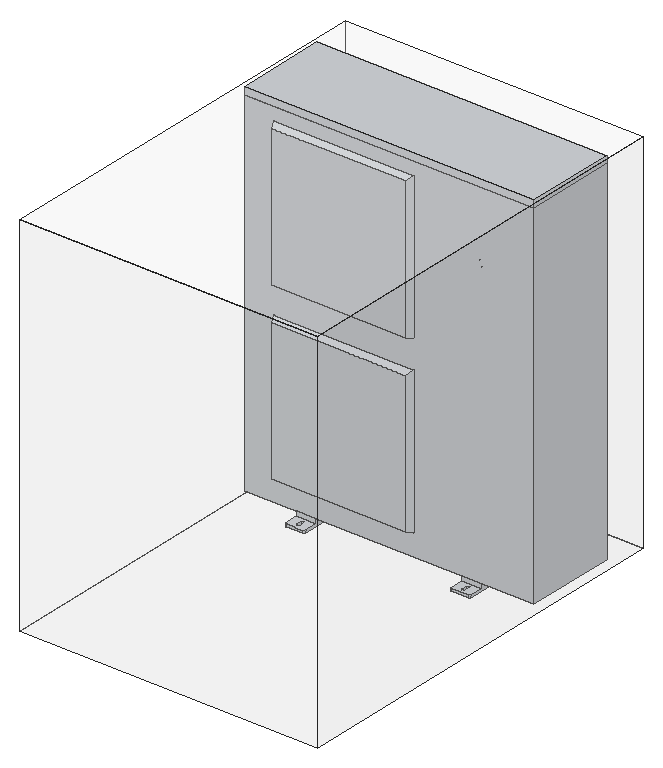
Revit family "puz-zrmp80sha_280ka12_60Hz", category 機械設備, Revit 2019 (continued)
Definition of nested family "PUZ-ZRMP-3"
  Dimensions and locks
    aligned and locked: Blend 4 sketch curve to plane 47
    aligned and locked: Blend 4 sketch curve to plane 45
    aligned and locked: Blend 4 sketch curve to plane 46
    aligned and locked: Blend 4 sketch curve to plane 48
    aligned and locked: Blend 4 to plane 8
    aligned and locked: plane 38 to Blend 4
    aligned and locked: curve 17 to plane 49
    aligned and locked: curve 1 to plane 49
    aligned and locked: plane 49 to curve 19
    aligned and locked: curve 18 to plane 50
    aligned and locked: plane 50 to curve 2
    aligned and locked: plane 50 to curve 20
    aligned and locked: plane 57 to Extrusion 5 sketch curve
    aligned and locked: plane 53 to Extrusion 5 sketch curve
    aligned and locked: plane 58 to Extrusion 6 sketch curve
    aligned and locked: plane 56 to Extrusion 6 sketch curve
    aligned and locked: plane 61 to Extrusion 7 sketch curve
    aligned and locked: plane 54 to Extrusion 7 sketch curve
    aligned and locked: plane 55 to Extrusion 7
    aligned and locked: Extrusion 7 to plane 62
    aligned and locked: plane 64 to Extrusion 6
    aligned and locked: plane 63 to Extrusion 5
    aligned and locked: Extrusion 6 to plane 60
    aligned and locked: Extrusion 5 to plane 59
    aligned and locked: plane 66 to Extrusion 8 sketch curve
    aligned and locked: plane 65 to Extrusion 8 sketch curve
    aligned and locked: Extrusion 8 to plane 60
    aligned and locked: plane 64 to Extrusion 8
    aligned and locked: Blend 9 sketch curve to plane 71
    aligned and locked: Blend 9 sketch curve to plane 72
    aligned and locked: Blend 9 sketch curve to plane 42
    aligned and locked: Blend 9 sketch curve to plane 41
    aligned and locked: plane 45 to Blend 9 sketch curve
    aligned and locked: Blend 9 sketch curve to plane 46
    aligned and locked: Blend 9 sketch curve to plane 73
    aligned and locked: plane 74 to Blend 9 sketch curve
    aligned and locked: Blend 9 to plane 8
    aligned and locked: plane 38 to Blend 9
    aligned and locked: plane 22 to Extrusion 10 sketch curve
    aligned and locked: plane 21 to Extrusion 10 sketch curve
    aligned and locked: Extrusion 10 sketch curve to Extrusion 1  (x4)
    aligned and locked: Extrusion 10 sketch curve to plane 23
    aligned and locked: Extrusion 10 sketch curve to plane 20
    aligned and locked: plane 24 to Extrusion 10
    aligned and locked: Extrusion 10 to level
    aligned and locked: plane 25 to Extrusion 11
    aligned and locked: Extrusion 11 to plane 26
    aligned and locked: Masking region 1 sketch curve to Extrusion 3  (x4)
    aligned and locked: Masking region 1 sketch curve to cut or joined group of Extrusion 1, Extrusion 10  (x8)
    aligned and locked: Masking region 1 sketch curve to Blend 9  (x3)
    aligned and locked: plane 51 to Extrusion 11 sketch curve
    aligned and locked: plane 52 to Extrusion 11 sketch curve
    aligned and locked: plane 76 to Extrusion 11 sketch curve
    aligned and locked: plane 77 to Extrusion 11 sketch curve
    aligned and locked: plane 78 to Extrusion 11 sketch curve
    aligned and locked: plane 79 to Extrusion 11 sketch curve
    aligned and locked: plane 75 to Extrusion 11 sketch curve  (x4)
  Automatic sketch dimensions
    plane 7 to Extrusion 1 sketch curve = 0 mm  (x2)
    Extrusion 1 sketch curve to plane 18 = 0 mm
    plane 8 to Extrusion 1 sketch curve = 0 mm  (x2)
    Extrusion 1 sketch curve to plane 19 = 0 mm
    Extrusion 1 sketch curve to plane 20 = 0 mm
    Extrusion 1 sketch curve to plane 21 = 0 mm
    curve 187 to curve 188 = 40 mm
    curve 186 to curve 190 = 13.333 mm
    curve 190 to curve 190 = 40 mm
    curve 186 to curve 193 = 0 mm
    curve 186 to curve 188 = 40 mm
    curve 188 to curve 191 = 0 mm
    curve 179 to curve 180 = 40 mm
    curve 178 to curve 182 = 120 mm
    curve 182 to curve 182 = 40 mm
    curve 178 to curve 185 = 0 mm
    curve 178 to curve 180 = 40 mm
    curve 182 to curve 183 = 40 mm
    curve 25 to plane 45 = 0 mm
    curve 24 to plane 45 = 0 mm
    curve 22 to plane 45 = 0 mm
    curve 23 to plane 45 = 0 mm
    curve 26 to plane 45 = 0 mm
    curve 21 to plane 45 = 0 mm
    curve 24 to plane 46 = 0 mm
    curve 25 to plane 46 = 0 mm
    curve 26 to plane 46 = 0 mm
    curve 23 to plane 46 = 0 mm
    curve 22 to plane 46 = 0 mm
    curve 21 to plane 46 = 0 mm
    curve 37 to plane 48 = 0 mm
    curve 52 to plane 48 = 0 mm
    curve 51 to plane 48 = 0 mm
    curve 50 to plane 48 = 0 mm
    curve 49 to plane 48 = 0 mm
    curve 48 to plane 48 = 0 mm
    curve 47 to plane 48 = 0 mm
    curve 46 to plane 48 = 0 mm
    curve 45 to plane 48 = 0 mm
    curve 44 to plane 48 = 0 mm
    curve 43 to plane 48 = 0 mm
    curve 42 to plane 48 = 0 mm
    curve 41 to plane 48 = 0 mm
    curve 27 to plane 48 = 0 mm
    curve 28 to plane 48 = 0 mm
    curve 40 to plane 48 = 0 mm
    curve 39 to plane 48 = 0 mm
    curve 29 to plane 48 = 0 mm
    curve 38 to plane 48 = 0 mm
    curve 30 to plane 48 = 0 mm
    curve 53 to plane 48 = 0 mm
    curve 31 to plane 48 = 0 mm
    curve 36 to plane 48 = 0 mm
    curve 32 to plane 48 = 0 mm
    curve 35 to plane 48 = 0 mm
    curve 33 to plane 48 = 0 mm
    curve 34 to plane 48 = 0 mm
    curve 28 to plane 47 = 0 mm
    curve 41 to plane 47 = 0 mm
    curve 27 to plane 47 = 0 mm
    curve 42 to plane 47 = 0 mm
    curve 31 to plane 47 = 0 mm
    curve 40 to plane 47 = 0 mm
    curve 37 to plane 47 = 0 mm
    curve 39 to plane 47 = 0 mm
    curve 32 to plane 47 = 0 mm
    curve 45 to plane 47 = 0 mm
    curve 36 to plane 47 = 0 mm
    curve 46 to plane 47 = 0 mm
    curve 43 to plane 47 = 0 mm
    curve 47 to plane 47 = 0 mm
    curve 29 to plane 47 = 0 mm
    curve 48 to plane 47 = 0 mm
    curve 30 to plane 47 = 0 mm
    curve 49 to plane 47 = 0 mm
    curve 44 to plane 47 = 0 mm
    curve 50 to plane 47 = 0 mm
    curve 33 to plane 47 = 0 mm
    curve 51 to plane 47 = 0 mm
    curve 35 to plane 47 = 0 mm
    curve 52 to plane 47 = 0 mm
    curve 38 to plane 47 = 0 mm
    curve 53 to plane 47 = 0 mm
    curve 34 to plane 47 = 0 mm
    plane 13 to curve 304 = 138 mm
    curve 304 to plane 46 = 0 mm
    curve 307 to plane 45 = 0 mm
    curve 306 to plane 45 = 0 mm
    curve 303 to plane 45 = 0 mm
    curve 308 to plane 45 = 0 mm
    curve 303 to plane 46 = 0 mm
    curve 306 to plane 46 = 0 mm
    curve 307 to plane 46 = 0 mm
    curve 308 to plane 46 = 0 mm
    curve 309 to plane 45 = 0 mm
    curve 309 to plane 46 = 0 mm
    curve 305 to plane 74 = 0 mm
    curve 305 to plane 73 = 0 mm
    curve 310 to plane 74 = 0 mm
    curve 310 to plane 73 = 0 mm
    curve 311 to plane 73 = 0 mm
    curve 311 to plane 74 = 0 mm
    curve 312 to plane 74 = 0 mm
    curve 312 to plane 73 = 0 mm
    curve 313 to plane 74 = 0 mm
    curve 313 to plane 73 = 0 mm
    curve 314 to plane 73 = 0 mm
    curve 314 to plane 74 = 0 mm
    curve 315 to plane 74 = 0 mm
    curve 315 to plane 73 = 0 mm
    curve 316 to plane 73 = 0 mm
    curve 316 to plane 74 = 0 mm
    curve 317 to plane 74 = 0 mm
    curve 317 to plane 73 = 0 mm
    curve 318 to plane 74 = 0 mm
    curve 318 to plane 73 = 0 mm
    curve 319 to plane 74 = 0 mm
    curve 319 to plane 73 = 0 mm
    curve 320 to plane 74 = 0 mm
    curve 320 to plane 73 = 0 mm
    curve 321 to plane 74 = 0 mm
    curve 321 to plane 73 = 0 mm
    curve 322 to plane 73 = 0 mm
    curve 322 to plane 74 = 0 mm
    curve 323 to plane 73 = 0 mm
    curve 323 to plane 74 = 0 mm
    curve 324 to plane 73 = 0 mm
    curve 324 to plane 74 = 0 mm
    curve 325 to plane 74 = 0 mm
    curve 325 to plane 73 = 0 mm
    curve 326 to plane 74 = 0 mm
    curve 326 to plane 73 = 0 mm
    curve 327 to plane 74 = 0 mm
    curve 327 to plane 73 = 0 mm
    curve 328 to plane 74 = 0 mm
    curve 328 to plane 73 = 0 mm
    curve 329 to plane 74 = 0 mm
    curve 329 to plane 73 = 0 mm
    curve 330 to plane 74 = 0 mm
    curve 330 to plane 73 = 0 mm
    curve 331 to plane 74 = 0 mm
    curve 331 to plane 73 = 0 mm
    curve 332 to plane 73 = 0 mm
    curve 332 to plane 74 = 0 mm
    curve 333 to plane 74 = 0 mm
    curve 333 to plane 73 = 0 mm
    curve 334 to plane 73 = 0 mm
    curve 334 to plane 74 = 0 mm
    curve 335 to plane 74 = 0 mm
    curve 335 to plane 73 = 0 mm
    Extrusion 10 sketch curve to plane 18 = 0 mm  (x2)
    plane 8 to Extrusion 10 sketch curve = 0 mm
    plane 23 to Extrusion 10 sketch curve = 0 mm
    plane 22 to Extrusion 10 sketch curve = 0 mm  (x3)
    plane 16 to Extrusion 10 sketch curve = 0 mm  (x3)
    plane 17 to Extrusion 10 sketch curve = 0 mm  (x3)
    Extrusion 10 sketch curve to plane 15 = 0 mm  (x2)
    Extrusion 10 sketch curve to plane 19 = 0 mm  (x2)
    Extrusion 10 sketch curve to plane 14 = 0 mm  (x2)
    plane 7 to Extrusion 10 sketch curve = 0 mm
    Extrusion 10 sketch curve to plane 18 = 5 mm
    plane 15 to Extrusion 10 sketch curve = 6 mm  (x2)
    plane 19 to Extrusion 10 sketch curve = 5 mm
    Extrusion 10 sketch curve to plane 20 = 5 mm
    plane 14 to Extrusion 10 sketch curve = 6 mm  (x2)
    plane 21 to Extrusion 10 sketch curve = 5 mm
    plane 38 to Extrusion 10 sketch curve = 10 mm  (x2)
    plane 19 to Masking region 1 sketch curve = 0 mm
    plane 21 to Masking region 1 sketch curve = 0 mm
    plane 7 to Masking region 1 sketch curve = 0 mm  (x2)
    Masking region 1 sketch curve to plane 20 = 0 mm
    Masking region 1 sketch curve to plane 18 = 0 mm
    plane 8 to Masking region 1 sketch curve = 0 mm  (x2)
    plane 38 to Masking region 1 sketch curve = 0 mm
    curve 352 to plane 6 = 0 mm
    plane 7 to curve 352 = 0 mm
    curve 353 to plane 18 = 0 mm
    curve 348 to plane 18 = 0 mm
    plane 8 to curve 346 = 0 mm
    curve 354 to plane 19 = 0 mm
    curve 347 to plane 19 = 0 mm
    curve 345 to plane 41 = 0 mm
    plane 38 to curve 344 = 0 mm
    curve 344 to plane 46 = 0 mm
    curve 357 to plane 20 = 0 mm
    curve 343 to plane 20 = 0 mm
    curve 358 to plane 21 = 0 mm
    curve 341 to plane 21 = 0 mm
    curve 339 to plane 45 = 0 mm
    curve 339 to plane 42 = 0 mm
    curve 337 to plane 5 = 0 mm
    plane 22 to curve 354 = 0 mm
    plane 22 to curve 358 = 0 mm
    plane 23 to curve 342 = 0 mm
    plane 23 to curve 347 = 0 mm
    curve 11 to plane 65 = 6 mm
    plane 18 to curve 352 = 28.157 mm
    plane 15 to curve 346 = 0.043 mm
    plane 21 to curve 338 = 11.963 mm
    curve 336 to plane 21 = 9.073 mm
    curve 344 to plane 21 = 22.105 mm
    plane 28 to curve 3 = 5 mm
    curve 3 to plane 45 = 38 mm
    curve 1 to plane 45 = 38 mm
    curve 3 to curve 5 = 0 mm
    curve 4 to plane 29 = 5 mm
    curve 372 to plane 65 = 6 mm
    plane 65 to curve 376 = 9 mm
    curve 12 to plane 65 = 6 mm
    curve 20 to plane 53 = 4 mm
    curve 2 to curve 16 = 15 mm
    plane 51 to curve 15 = 5 mm
Definition of nested family "固定点"
  Parameters (values of type "固定点")
    中心円 = if(W > 599 mm, 12 mm, 10 mm)  # 12 mm
    W = 1000 mm
    D = 1000 mm
  Reference planes
    plane 1 "中心(正面/背面)": y = 0
    plane 2: z = 0
    plane 3 "中心(左/右)": x = 0
    plane 4: x = 1000
    plane 5: y = 1000
  Lines and regions (mm)
    symbolic lines, detail levels fine
      curve 1: circle (0, 1000, 0) r 6 normal (0, 0, 1)
      curve 2: circle (0, 0, 0) r 6 normal (0, 0, 1)
      curve 3: circle (1000, 1000, 0) r 6 normal (0, 0, 1)
      curve 4: circle (1000, 0, 0) r 6 normal (0, 0, 1)
      curve 5: line (-200, 1000, 0) -> (1200, 1000, 0)
      curve 6: line (-200, 0, 0) -> (1200, 0, 0)
      curve 7: line (0, 1200, 0) -> (0, -200, 0)
      curve 8: line (1000, 1200, 0) -> (1000, -200, 0)
  Dimensions and locks
    "W": plane 3 "中心(左/右)" to plane 4
    "D": plane 1 "中心(正面/背面)" to plane 5
    "中心円": diameter of curve 1
    "中心円": diameter of curve 2
    "中心円": diameter of curve 3
    "中心円": diameter of curve 4
    aligned and locked: level to plane 2
    aligned and locked: plane 5 to curve 1
    aligned and locked: plane 3 "中心(左/右)" to curve 1
    aligned and locked: plane 3 "中心(左/右)" to curve 2
    aligned and locked: plane 1 "中心(正面/背面)" to curve 2
    aligned and locked: plane 4 to curve 3
    aligned and locked: plane 5 to curve 3
    aligned and locked: plane 1 "中心(正面/背面)" to curve 4
    aligned and locked: plane 4 to curve 4
    aligned and locked: plane 1 "中心(正面/背面)" to curve 6
    aligned and locked: curve 7 to plane 3 "中心(左/右)"
    aligned and locked: curve 8 to plane 4
  Automatic sketch dimensions
    curve 5 to plane 5 = 0 mm
    curve 6 to plane 3 "中心(左/右)" = 200 mm
    curve 5 to plane 3 "中心(左/右)" = 200 mm
    curve 4 to curve 6 = 200 mm
    curve 3 to curve 5 = 200 mm
    plane 1 "中心(正面/背面)" to curve 8 = 200 mm
    plane 1 "中心(正面/背面)" to curve 7 = 200 mm
    curve 3 to curve 8 = 200 mm
    curve 1 to curve 7 = 200 mm
Types (7, lengths in mm): name | 音響パワーレベル（冷）(dB) | 音響パワーレベル(dB) | 電源位置Z | 電源位置X | 電動機出力_送風機 | 電動機出力_圧縮機 | 質量 | 製品質量 | 相 | 消費電力_暖房 | 消費電力_冷房 | 消費電力 | 構成品番 | 極数 | 最小電線太さ_mm2 | 暖房能力 | 推奨ブレーカー容量 | 形名 | 価格 | ドレン　位置Y | ドレン　位置X | 冷房能力 | 冷媒管（ガス）位置X | 冷媒管（液）位置X | 冷媒管（ガス）位置Y | 冷媒管径符号 | 冷媒管位置Z | 冷媒管位置Y | 冷媒管位置X | 冷媒液管径 | 冷媒ガス管径 | Width | URL | Height | Clearance Right | Clearance Left | Clearance Front | Clearance Back
  PUZ-ZRMP80HA12 | 66 | 68 | 669 | 275 | 0.06 kW | 1.6 kW | 79.20 kg | 66.00 kg | 3 | 1.76 kW | 1.68 kW | 1.76 kW | "PUZ-ZRMP80HA" | 3 | 1.6 | 8 kW | 20 A | PUZ-ZRMP-2 : PUZ-ZRMP-2 | 784000 | 111 | 30 | 7.1 kW | 434 | 377 | 229 | "Bd" | 447 | 259.5 | 405.5 | 9.52 | 15.88 | 950 | "https://www.mitsubishielectric.co.jp/ldg/wink/ssl/displayProduct.do?pid=323523" | 943 | 10 | 10 | 500 | 100
  PUZ-ZRMP80SHA12 | 66 | 68 | 669 | 275 | 0.06 kW | 1.6 kW | 84.00 kg | 70.00 kg | 1 | 1.81 kW | 1.74 kW | 1.81 kW | "PUZ-ZRMP80SHA" | 1 | 1.6 | 8 kW | 30 A | PUZ-ZRMP-2 : PUZ-ZRMP-2 | 784000 | 111 | 30 | 7.1 kW | 434 | 377 | 229 | "Bd" | 447 | 259.5 | 405.5 | 9.52 | 15.88 | 950 | "https://www.mitsubishielectric.co.jp/ldg/wink/ssl/displayProduct.do?pid=323524" | 943 | 10 | 10 | 500 | 100
  PUZ-ZRMP112KA12 | 68 | 70 | 1063 | 325 | 0.12 kW | 2.1 kW | 118.80 kg | 99.00 kg | 3 | 2.22 kW | 2.21 kW | 2.22 kW | "PUZ-ZRMP112KA" | 3 | 1.6 | 11.2 kW | 30 A | PUZ-ZRMP-3 : PUZ-ZRMP112KA11 | 923000 | 176 | 45 | 10 kW | 483 | 423 | 234 | "Bd" | 450 | 262 | 453 | 9.52 | 15.88 | 1050 | "https://www.mitsubishielectric.co.jp/ldg/wink/ssl/displayProduct.do?pid=323528" | 1338 | 15 | 15 | 500 | 150
  PUZ-ZRMP140KA12 | 68 | 71 | 1063 | 325 | 0.12 kW | 2.8 kW | 118.80 kg | 99.00 kg | 3 | 2.98 kW | 3.02 kW | 3.02 kW | "PUZ-ZRMP140KA" | 3 | 1.6 | 14 kW | 30 A | PUZ-ZRMP-3 : PUZ-ZRMP112KA11 | 1110000 | 176 | 45 | 12.5 kW | 483 | 423 | 234 | "Bd" | 450 | 262 | 453 | 9.52 | 15.88 | 1050 | "https://www.mitsubishielectric.co.jp/ldg/wink/ssl/displayProduct.do?pid=323559" | 1338 | 15 | 15 | 500 | 150
  PUZ-ZRMP160KA12 | 70 | 73 | 1063 | 325 | 0.12 kW | 3.3 kW | 118.80 kg | 99.00 kg | 3 | 3.75 kW | 3.85 kW | 3.85 kW | "PUZ-ZRMP160KA" | 3 | 1.6 | 16 kW | 30 A | PUZ-ZRMP-3 : PUZ-ZRMP112KA11 | 1241000 | 176 | 45 | 14 kW | 483 | 423 | 234 | "Bd" | 450 | 262 | 453 | 9.52 | 15.88 | 1050 | "https://www.mitsubishielectric.co.jp/ldg/wink/ssl/displayProduct.do?pid=323533" | 1338 | 15 | 15 | 500 | 150
  PUZ-ZRMP224KA2 | 79 | 81 | 1063 | 325 | 0.3 kW | 4.6 kW | 156.00 kg | 130.00 kg | 3 | 4.96 kW | 5.33 kW | 5.33 kW | "PUZ-ZRMP224KA" | 3 | 2 | 22.4 kW | 40 A | PUZ-ZRMP-3 : PUZ-ZRMP224KA | 1609000 | 176 | 45 | 20 kW | 479 | 423 | 236 | "Bg" | 450 | 263 | 451 | 9.52 | 25.40 | 1050 | "https://www.mitsubishielectric.co.jp/ldg/wink/ssl/displayProduct.do?pid=323536" | 1338 | 15 | 15 | 1000 | 150
  PUZ-ZRMP280KA2 | 79 | 81 | 1063 | 325 | 0.4 kW | 5.7 kW | 160.80 kg | 134.00 kg | 3 | 6.8 kW | 7.95 kW | 7.95 kW | "PUZ-ZRMP280KA" | 3 | 2 | 28 kW | 50 A | PUZ-ZRMP-3 : PUZ-ZRMP224KA | 1987000 | 176 | 45 | 25 kW | 479 | 423 | 236 | "Cg" | 450 | 263 | 451 | 12.70 | 25.40 | 1050 | "https://www.mitsubishielectric.co.jp/ldg/wink/ssl/displayProduct.do?pid=323539" | 1338 | 15 | 15 | 1000 | 150
